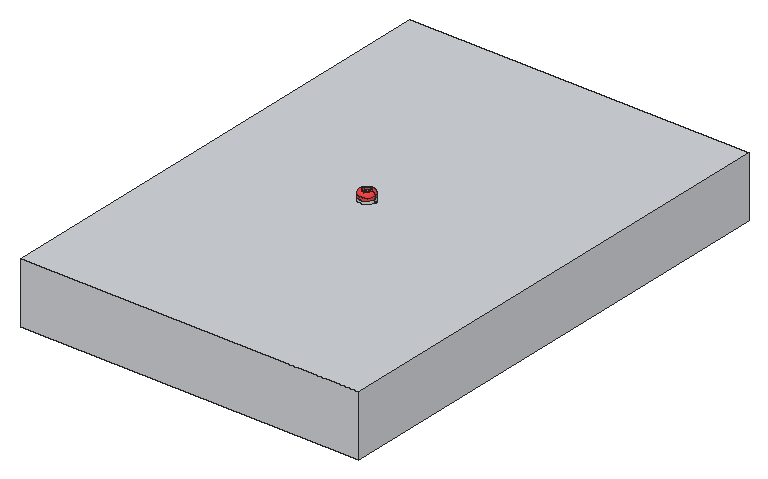
Revit family "r2016_omelta_mayak-12-kp", category Устройства вызова и оповещения, Revit 2016
Family settings
  Основа = Грань
  Сохранять ориентацию аннотаций = Да
  Тип детали = Нормальный
  Размер круглого соединителя = Использовать диаметр
  При загрузке вырезать с полостями = Нет
  Общий = Нет
  Точка расчета площади = Нет
Parameters (values of type "МАЯК-12-КП")
  Разработано [instance] = "«support@bimlib.ru»"  # constant formula
  Default Elevation = 2600 mm
  Изготовитель = "ООО «Электротехника и Автоматика»"  # constant formula
  Z [instance] = 1000 mm
  Y [instance] = 1100 mm
  X [instance] = 1000 mm
  URL = "https://omelta.com/store/1-mayak_12_kp/"
  ADSK_Этаж [instance] = ""
  ADSK_Ток = 0.08 A
  ADSK_Примечание [instance] = ""
  ADSK_Позиция [instance] = ""
  ADSK_Обозначение [instance] = "МАЯК-12-КП"
  ADSK_Номинальная мощность = ADSK_Ток * ADSK_Напряжение  # 0.96 VA
  ADSK_Напряжение = 12 V
  ADSK_Наименование [instance] = "Комбинированный светозвуковой оповещатель, IP55"
  ADSK_Масса [instance] = 0.06
  ADSK_Марка [instance] = "МАЯК-12-КП"  # constant formula
  ADSK_Коэффициент мощности = 0.96
  ADSK_Код изделия [instance] = "ТУ 4372-001-49518441-99"
  ADSK_Классификация нагрузок = Прочее
  ADSK_Завод-изготовитель [instance] = "ООО «Электротехника и Автоматика»"  # constant formula
  ADSK_Единица измерения = "шт."
Types (3, lengths in mm): name | ADSK_Обозначение | ADSK_Номинальная мощность | ADSK_Напряжение | ADSK_Единица измерения
  (no name) | "МАЯК-12-КП" | 0.96 VA | 12 V | "шт."
  МАЯК-12-КП | "МАЯК-12-КП" | 0.96 VA | 12 V | "шт."
  МАЯК-24-КП | "МАЯК-24-КП" | 1.92 VA | 24 V | ""
Reference planes
  plane 1 "По центру (Вперед/Назад)": y = 0
  plane 2: z = 0
  plane 3 "По центру (Влево/Вправо)": x = 285
  plane 4: z = -1000
  plane 5: x = 1285
  plane 6: y = 1000
Forms (mm)
  Extrusion 1, solid
    sketch origin (0, 0, 0) x (1, 0, 0) y (0, 1, 0)
      loop
        line (-475, 1219.2) -> (-475, -1219.2) -> (1219.2, -1219.2) -> (1219.2, 1219.2) -> (-475, 1219.2)
    from 0 to -304.8
  Extrusion 2, solid, not visible, detail levels medium+fine
    sketch origin (0, 0, 0) x (1, 0, 0) y (0, 1, 0)
      loop
        circle (0, 0) r 40
    from 0 to 14
  Revolve 3, solid, material "Пластмасса", not visible, detail levels medium+fine
    sketch origin (0, 0, 0) x (1, 0, 0) y (0, 0, 1)
      loop
        line (-40, 14) -> (0, 14)
        spline (0, 14) -> (-3.51, 14.565) -> (-6.336, 15.273) -> (-8.589, 16.174) -> (-10.38, 17.318) -> (-11.817, 18.756) -> (-13.011, 20.539) -> (-14.035, 22.726) -> (-14.929, 25.382) -> (-15.731, 28.572) -> (-16.479, 32.361) -> (-17.213, 36.815) -> (-17.972, 42)
        line (-17.972, 42) -> (-24.94, 42)
        spline (-24.94, 42) -> (-26.769, 41.45) -> (-28.311, 40.863) -> (-29.654, 40.226) -> (-30.887, 39.526) -> (-32.1, 38.749) -> (-33.369, 37.872) -> (-34.677, 36.818) -> (-35.972, 35.486) -> (-37.204, 33.777) -> (-38.32, 31.591) -> (-39.27, 28.827) -> (-40, 25.386)
        line (-40, 25.386) -> (-40, 14)
      axis (0, 42) -> (0, 14)
    angle from 0 to 360
  Extrusion 4, solid, not visible, detail levels fine
    sketch origin (0, 0, 0) x (1, 0, 0) y (0, 1, 0)
      loop
        spline (39.674, 5.098) -> (39.774, 4.279) -> (39.855, 3.458) -> (39.919, 2.636) -> (39.964, 1.811) -> (39.992, 0.984) -> (40.001, 0.155) -> (39.992, -0.675) -> (39.964, -1.508) -> (39.919, -2.343) -> (39.855, -3.179) -> (39.774, -4.017) -> (39.674, -4.858)
        line (39.674, -4.858) -> (47.115, -4.858)
        spline (47.115, -4.858) -> (47.352, -4.691) -> (47.603, -4.511) -> (47.863, -4.318) -> (48.129, -4.111) -> (48.397, -3.887) -> (48.664, -3.648) -> (48.926, -3.391) -> (49.181, -3.115) -> (49.423, -2.82) -> (49.65, -2.504) -> (49.858, -2.167) -> (50.043, -1.808)
        line (50.043, -1.808) -> (50.043, 2.174)
        spline (50.043, 2.174) -> (49.878, 2.414) -> (49.697, 2.663) -> (49.5, 2.918) -> (49.285, 3.178) -> (49.053, 3.438) -> (48.804, 3.698) -> (48.536, 3.954) -> (48.249, 4.205) -> (47.943, 4.447) -> (47.618, 4.678) -> (47.273, 4.896) -> (46.907, 5.098)
        line (46.907, 5.098) -> (39.674, 5.098)
    from 0 to 3.5
  Extrusion 5, void, not visible
    sketch origin (0, 0, 0) x (1, 0, 0) y (0, 1, 0)
      loop
        circle (44.985, 0.005) r 2.013
    from 0 to 3.5
  Extrusion 6, solid, not visible, detail levels fine
    sketch origin (0, 0, 0) x (-1, 0, 0) y (0, -1, 0)
      loop
        line (39.674, -5.098) -> (46.907, -5.098)
        spline (46.907, -5.098) -> (47.273, -4.896) -> (47.618, -4.678) -> (47.943, -4.447) -> (48.249, -4.205) -> (48.536, -3.954) -> (48.804, -3.698) -> (49.053, -3.438) -> (49.285, -3.178) -> (49.5, -2.918) -> (49.697, -2.663) -> (49.878, -2.414) -> (50.043, -2.174)
        line (50.043, -2.174) -> (50.043, 1.808)
        spline (50.043, 1.808) -> (49.858, 2.167) -> (49.65, 2.504) -> (49.423, 2.82) -> (49.181, 3.115) -> (48.926, 3.391) -> (48.664, 3.648) -> (48.397, 3.887) -> (48.129, 4.111) -> (47.863, 4.318) -> (47.603, 4.511) -> (47.352, 4.691) -> (47.115, 4.858)
        line (47.115, 4.858) -> (39.674, 4.858)
        spline (39.674, 4.858) -> (39.774, 4.017) -> (39.855, 3.179) -> (39.919, 2.343) -> (39.964, 1.508) -> (39.992, 0.675) -> (40.001, -0.155) -> (39.992, -0.984) -> (39.964, -1.811) -> (39.919, -2.636) -> (39.855, -3.458) -> (39.774, -4.279) -> (39.674, -5.098)
    from 0 to 3.5
  Extrusion 7, void, not visible
    sketch origin (0, 0, 0) x (-1, 0, 0) y (0, -1, 0)
      loop
        circle (44.985, -0.005) r 2.013
    from 0 to 3.5
  Revolve 8, solid, material "По умолчанию", not visible, detail levels fine
    sketch origin (0, 0, 0) x (1, 0, 0) y (0, 0, 1)
      loop
        line (0, 36.476) -> (-8.027, 36.476)
        spline (-8.027, 36.476) -> (-7.123, 33.785) -> (-5.859, 31.874) -> (-4.679, 30.213) -> (-3.944, 28.365) -> (-3.61, 26.327) -> (-3.518, 24.219) -> (-3.514, 22.158) -> (-3.502, 20.204) -> (-3.457, 18.355) -> (-3.348, 16.604) -> (-2.637, 15.059) -> (0, 14)
        line (0, 14) -> (0, 36.476)
      axis (0, 36.476) -> (0, 14)
    angle from 0 to 360
  Extrusion 9, solid, detail levels medium+fine
    sketch origin (285, 0, 0) x (1, 0, 0) y (0, 1, 0)
      loop
        circle (0, 0) r 40
    from 0 to 14
  Revolve 10, solid, material "Пластмасса", detail levels medium+fine
    sketch origin (285, 0, 0) x (1, 0, 0) y (0, 0, 1)
      loop
        line (-40, 14) -> (0, 14)
        spline (0, 14) -> (-3.51, 14.565) -> (-6.336, 15.273) -> (-8.589, 16.174) -> (-10.38, 17.318) -> (-11.817, 18.756) -> (-13.011, 20.539) -> (-14.035, 22.726) -> (-14.929, 25.382) -> (-15.731, 28.572) -> (-16.479, 32.361) -> (-17.213, 36.815) -> (-17.972, 42)
        line (-17.972, 42) -> (-24.94, 42)
        spline (-24.94, 42) -> (-26.769, 41.45) -> (-28.311, 40.863) -> (-29.654, 40.226) -> (-30.887, 39.526) -> (-32.1, 38.749) -> (-33.369, 37.872) -> (-34.677, 36.818) -> (-35.972, 35.486) -> (-37.204, 33.777) -> (-38.32, 31.591) -> (-39.27, 28.827) -> (-40, 25.386)
        line (-40, 25.386) -> (-40, 14)
      axis (0, 42) -> (0, 14)
    angle from 0 to 360
  Extrusion 11, solid, detail levels fine
    sketch origin (285, 0, 0) x (1, 0, 0) y (0, 1, 0)
      loop
        spline (39.674, 5.098) -> (39.774, 4.279) -> (39.855, 3.458) -> (39.919, 2.636) -> (39.964, 1.811) -> (39.992, 0.984) -> (40.001, 0.155) -> (39.992, -0.675) -> (39.964, -1.508) -> (39.919, -2.343) -> (39.855, -3.179) -> (39.774, -4.017) -> (39.674, -4.858)
        line (39.674, -4.858) -> (47.115, -4.858)
        spline (47.115, -4.858) -> (47.352, -4.691) -> (47.603, -4.511) -> (47.863, -4.318) -> (48.129, -4.111) -> (48.397, -3.887) -> (48.664, -3.648) -> (48.926, -3.391) -> (49.181, -3.115) -> (49.423, -2.82) -> (49.65, -2.504) -> (49.858, -2.167) -> (50.043, -1.808)
        line (50.043, -1.808) -> (50.043, 2.174)
        spline (50.043, 2.174) -> (49.878, 2.414) -> (49.697, 2.663) -> (49.5, 2.918) -> (49.285, 3.178) -> (49.053, 3.438) -> (48.804, 3.698) -> (48.536, 3.954) -> (48.249, 4.205) -> (47.943, 4.447) -> (47.618, 4.678) -> (47.273, 4.896) -> (46.907, 5.098)
        line (46.907, 5.098) -> (39.674, 5.098)
    from 0 to 3.5
  Extrusion 12, void
    sketch origin (285, 0, 0) x (1, 0, 0) y (0, 1, 0)
      loop
        circle (44.985, 0.005) r 2.013
    from 0 to 3.5
  Extrusion 13, solid, detail levels fine
    sketch origin (285, 0, 0) x (-1, 0, 0) y (0, -1, 0)
      loop
        line (39.674, -5.098) -> (46.907, -5.098)
        spline (46.907, -5.098) -> (47.273, -4.896) -> (47.618, -4.678) -> (47.943, -4.447) -> (48.249, -4.205) -> (48.536, -3.954) -> (48.804, -3.698) -> (49.053, -3.438) -> (49.285, -3.178) -> (49.5, -2.918) -> (49.697, -2.663) -> (49.878, -2.414) -> (50.043, -2.174)
        line (50.043, -2.174) -> (50.043, 1.808)
        spline (50.043, 1.808) -> (49.858, 2.167) -> (49.65, 2.504) -> (49.423, 2.82) -> (49.181, 3.115) -> (48.926, 3.391) -> (48.664, 3.648) -> (48.397, 3.887) -> (48.129, 4.111) -> (47.863, 4.318) -> (47.603, 4.511) -> (47.352, 4.691) -> (47.115, 4.858)
        line (47.115, 4.858) -> (39.674, 4.858)
        spline (39.674, 4.858) -> (39.774, 4.017) -> (39.855, 3.179) -> (39.919, 2.343) -> (39.964, 1.508) -> (39.992, 0.675) -> (40.001, -0.155) -> (39.992, -0.984) -> (39.964, -1.811) -> (39.919, -2.636) -> (39.855, -3.458) -> (39.774, -4.279) -> (39.674, -5.098)
    from 0 to 3.5
  Extrusion 14, void
    sketch origin (285, 0, 0) x (-1, 0, 0) y (0, -1, 0)
      loop
        circle (44.985, -0.005) r 2.013
    from 0 to 3.5
  Revolve 15, solid, material "По умолчанию", detail levels fine
    sketch origin (285, 0, 0) x (1, 0, 0) y (0, 0, 1)
      loop
        line (0, 36.476) -> (-8.027, 36.476)
        spline (-8.027, 36.476) -> (-7.123, 33.785) -> (-5.859, 31.874) -> (-4.679, 30.213) -> (-3.944, 28.365) -> (-3.61, 26.327) -> (-3.518, 24.219) -> (-3.514, 22.158) -> (-3.502, 20.204) -> (-3.457, 18.355) -> (-3.348, 16.604) -> (-2.637, 15.059) -> (0, 14)
        line (0, 14) -> (0, 36.476)
      axis (0, 36.476) -> (0, 14)
    angle from 0 to 360
Cuts and joins
  Extrusion 12 cuts Extrusion 11
  Extrusion 14 cuts Extrusion 13
Lines and regions (mm)
  model lines, style "InvisibleLines", detail levels medium+fine
    curve 1: line (285, 40, 0) -> (285, -40, 0)
    curve 2: line (245, 0, 0) -> (325, 0, 0)
  model lines, style "InvisibleLines", not visible, detail levels medium+fine
    curve 3: line (0, 40, 0) -> (0, -40, 0)
    curve 4: line (-40, 0, 0) -> (40, 0, 0)
  model lines, not visible, detail levels coarse
    curve 5: circle (546.33, 0, -744.184) r 80 normal (0, -1, 0)
    curve 8: line (602.899, 0, -800.752) -> (489.762, 0, -687.615)
    curve 9: line (602.899, 0, -687.615) -> (489.762, 0, -800.752)
  model lines, style "InvisibleLines", not visible, detail levels coarse
    curve 6: line (626.33, 0, -744.184) -> (466.33, 0, -744.184)
    curve 7: line (546.33, 0, -664.184) -> (546.33, 0, -824.184)
  reference lines
    curve 10: line (289.866, 0, 100) -> (369.866, 0, 100)
    curve 11: line (285, 0, -24.171) -> (285, 0, 215.829)
    curve 17: line (160, 0, 0) -> (215, 0, 0)
  model lines, detail levels coarse
    curve 12: circle (285, 0, 100) r 80 normal (0, -1, 0)
    curve 15: line (341.569, 0, 43.431) -> (228.431, 0, 156.569)
    curve 16: line (341.569, 0, 156.569) -> (228.431, 0, 43.431)
  model lines, style "InvisibleLines", detail levels coarse
    curve 13: line (365, 0, 100) -> (205, 0, 100)
    curve 14: line (285, 0, 180) -> (285, 0, 20)
Dimensions and locks
  "Y": curve 10 to plane 4
  "Z": curve 17 to plane 6
  "X": curve 11 to plane 5
  aligned and locked: plane 2 to Extrusion 1
  aligned and locked: level to Extrusion 1
  aligned and locked: curve 1 to plane 3 "По центру (Влево/Вправо)"
  aligned and locked: plane 1 "По центру (Вперед/Назад)" to curve 2
  aligned and locked: curve 17 to curve 12
  aligned and locked: curve 10 to curve 13
  aligned and locked: curve 14 to curve 11
Automatic sketch dimensions
  Extrusion 1 sketch curve to Extrusion 1 sketch curve = 1694.2 mm
  Extrusion 1 sketch curve to Extrusion 1 sketch curve = 2438.4 mm
  plane 3 "По центру (Влево/Вправо)" to curve 10 = 4.866 mm
  curve 10 to curve 10 = 80 mm
  curve 11 to level = 24.171 mm
  curve 10 to curve 11 = 115.829 mm
  curve 17 to plane 3 "По центру (Влево/Вправо)" = 125 mm
  curve 17 to curve 17 = 55 mm
Connectors
  electrical at (285, 0, 14), driven by "ADSK_Классификация нагрузок", driven by "ADSK_Напряжение", driven by "ADSK_Номинальная мощность", driven by "ADSK_Коэффициент мощности", driven by "ADSK_Номинальная мощность"
    settings: on Extrusion 9, index 1, voltage 12 V, apparent load 0.96 VA, apparent load phase1 0.96 VA, apparent load phase2 0 VA, apparent load phase3 0 VA, power factor 0.96, load classification "Прочее", number of poles 1, system type 12, power factor state 0, is connector primary yes, connector utility yes, sub classification motor no, connector description ""
